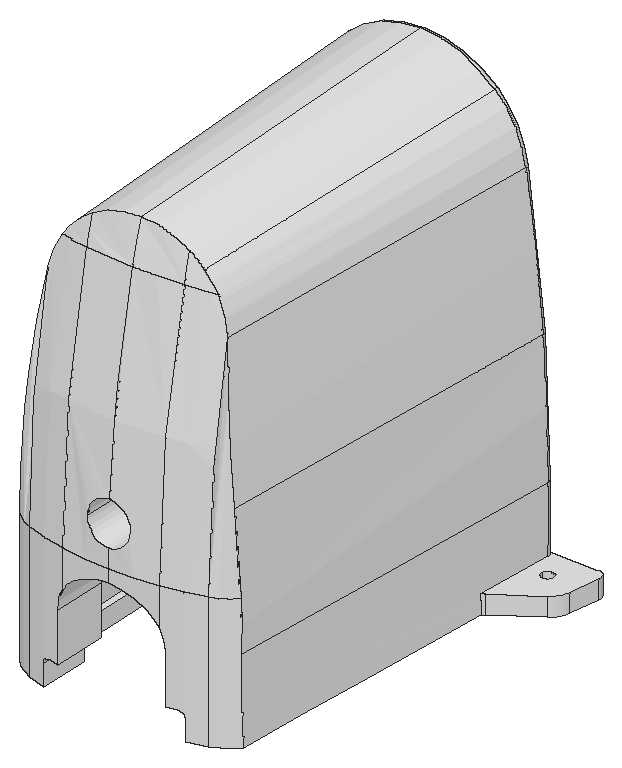
Revit family "Sink-Pedestal-KOHLER-Folio-K-11340IN_1", category Specialty Equipment, host Face, Revit 2017
Family settings
  Host = Face
  Round Connector Dimension = Use Diameter
  Part Type = Normal
  OmniClass Number = 23.31.25.00
  OmniClass Title = Toilet and Bath Specialties
  Cut with Voids When Loaded = No
  Shared = No
  Room Calculation Point = No
Parameters (values of type "0-White")
  Width = 9 65/256"  # constant formula
  WaterSense Certified = 1 = 0  # no
  URL = "https://www.kohler.co.in/"
  Type = 1
  Product Page URL = ""
  Product Name = "Folio"  # constant formula
  Product Documentation Link = ""
  Model = if(Type = 1, "K-11340IN-0", if(Type = 2, "K-11340IN-96", "NA"))  # "K-11340IN-0"
  Material = "Vitreous China"  # constant formula
  Master Format 2014 Name = "Bath Accessories"  # constant formula
  Master Format 2014 = "10 28 16"  # constant formula
  Manufacturer Address = "Ambience Office Tower NH-8 Gurgaon / Gurugram Haryana , 122001\r\n"  # constant formula
  Manufacturer = "KOHLER Co."  # constant formula
  Length = 11 107/256"  # constant formula
  Height = 10 5/32"  # constant formula
  Finish = Kohler-Vitreous_China-0-White
  Environmental Product Declaration = ""
  Description = "Half Pedestal"  # constant formula
  Default Elevation = 25"
  Declare Label = ""
  Date Modified = "06/25/2020"  # constant formula
  Date Created = "06/25/2020"  # constant formula
  Copyright = "Copyright KOHLER Co."  # constant formula
  Contact Us = "https://www.kohler.co.in/contact-us"
  Assembly Code = "C1030200"
  ADA Compliant = 1 = 0  # no
Types (3): name | Type | Model | Finish
  (no name) | 1 | "K-11340IN-0" | Kohler-Vitreous_China-0-White
  0-White | 1 | "K-11340IN-0" | Kohler-Vitreous_China-0-White
  96-Biscuit | 2 | "K-11340IN-96" | Kohler-Vitreous_China-96-Biscuit
Reference planes
  plane 1 "Center (Front/Back)": y = 0
  plane 2: z = 0
  plane 3 "Center (Left/Right)": x = 0
  plane 4: y = 257.969
  plane 5: x = -117.5
  plane 6: y = 237.969
  plane 7: x = -95
  plane 8: x = 117.549
  plane 9: x = 95.049
  plane 10: z = 290.016
  plane 11: z = 113
Dimensions and locks
  "Height": plane 1 "Center (Front/Back)" to plane 4
  "Width": plane 5 to plane 8
  "Length": plane 10 to plane 2
  plane 4 to plane 6 = 0.7874"
  plane 5 to plane 7 = 0.88583"
  plane 9 to plane 8 = 0.88583"
  aligned and locked: plane 2 to host face
  aligned and locked: level to host face
Automatic sketch dimensions
  host sketch curve to host sketch curve = 96"  (x2)
Nested families
  nested 1: "K-11340IN" at (0, 0, 0), type "K-11340IN"
Definition of nested family "K-11340IN"
  Parameters (values of type "K-11340IN")
    Material = none
  Reference planes
    plane 1 "Center (Front/Back)": y = 0
    plane 2: z = 0
    plane 3 "Center (Left/Right)": x = 0
    plane 4: y = 258
    plane 5: z = 290
    plane 6: z = 12
    plane 7: x = -117.5
    plane 8: x = 117.5
    plane 9: y = 238
    plane 10: x = -95
    plane 11: x = 95
    plane 12: z = 113
  Forms (mm)
    Sweep 1, solid, material <- "Material", detail levels medium+fine
      path origin (0, 0, 0) x (1, 0, 0) y (0, 0, 1)
        loop
          arc (83.672, -16.404) -> (82.349, 19.074) -> (82.097, 54.576) r 1176.886
          arc (82.097, 54.576) -> (81.456, 97.102) -> (78.853, 139.553) r 921.718
          arc (78.853, 139.553) -> (74.217, 186.203) -> (68.206, 232.696) r 1588.836
          arc (68.206, 232.696) -> (61.386, 253.716) -> (47.933, 271.248) r 65.154
          arc (47.933, 271.248) -> (25.735, 285.145) -> (0, 290) r 70.636
          arc (0, 290) -> (-25.735, 285.145) -> (-47.933, 271.248) r 70.636
          arc (-47.933, 271.248) -> (-61.386, 253.716) -> (-68.206, 232.696) r 65.154
          arc (-68.206, 232.696) -> (-74.217, 186.203) -> (-78.853, 139.553) r 1588.836
          arc (-78.853, 139.553) -> (-81.456, 97.102) -> (-82.097, 54.576) r 921.718
          arc (-82.097, 54.576) -> (-82.349, 19.074) -> (-83.672, -16.404) r 1176.886
      profile origin (0, 0, 290) x (0, 0, -1) y (0, -1, 0)
        loop
          line (11.496, 10.299) -> (0.004, -253.931)
          arc (0.004, -253.931) -> (1.083, -256.797) -> (3.9, -258) r 3.9
          line (3.9, -258) -> (10.97, -258) -> (22.64, 10.299) -> (11.496, 10.299)
    Extrusion 2, solid, material <- "Material", detail levels medium+fine
      sketch origin (0, 0, 0) x (1, 0, 0) y (0, 1, 0)
        loop
          line (-62.5, 258) -> (-111.695, 258)
          arc (-111.695, 258) -> (-116.178, 255.967) -> (-117.603, 251.254) r 5.96
          line (-117.603, 251.254) -> (-114.945, 231.271)
          arc (-114.945, 231.271) -> (-112.834, 225.358) -> (-108.487, 220.828) r 15
          line (-108.487, 220.828) -> (-83.045, 203.598)
          arc (-83.045, 203.598) -> (-78.362, 198.495) -> (-76.471, 191.831) r 15
          line (-76.471, 191.831) -> (-69.006, 20.337) -> (-57.795, 20.337) -> (-62.5, 258)
      from 0 to 11.857
    Extrusion 3, solid, material <- "Material", detail levels medium+fine
      sketch origin (0, 0, 0) x (-1, 0, 0) y (0, -1, 0)
        loop
          line (-62.5, -258) -> (-57.795, -20.337) -> (-67.756, -20.337) -> (-75.164, -190.535)
          arc (-75.164, -190.535) -> (-77.162, -197.573) -> (-82.108, -202.964) r 15.842
          line (-82.108, -202.964) -> (-108.487, -220.828)
          arc (-108.487, -220.828) -> (-112.834, -225.358) -> (-114.945, -231.271) r 15
          line (-114.945, -231.271) -> (-117.603, -251.254)
          arc (-117.603, -251.254) -> (-116.178, -255.967) -> (-111.695, -258) r 5.96
          line (-111.695, -258) -> (-62.5, -258)
      from 0 to 11.857
    Extrusion 4, void
      sketch origin (0, 0, 0) x (0, 1, 0) y (0, 0, 1)
        loop
          line (268, 0) -> (-27, 0) -> (-27, -25) -> (268, -25) -> (268, 0)
      from -131.904 to 110.84
    Extrusion 5, void
      sketch origin (0, 0, 0) x (1, 0, 0) y (0, 1, 0)
        loop
          circle (-95, 238) r 3.963
        loop
          circle (95, 238) r 3.963
      from -13.424 to 23.265
    Extrusion 6, void
      sketch origin (0, 0, 0) x (1, 0, 0) y (0, 0, 1)
        loop
          arc (-24.138, 70.924) -> (-32.126, 61.662) -> (-35, 49.774) r 26.023
          line (-35, 49.774) -> (-35, 17.821) -> (-42.147, 17.821)
          arc (-42.147, 17.821) -> (-44.903, 16.679) -> (-46.045, 13.923) r 3.898
          line (-46.045, 13.923) -> (-46.045, -1.25) -> (46.045, -1.25) -> (46.045, 13.923)
          arc (46.045, 13.923) -> (44.903, 16.679) -> (42.147, 17.821) r 3.898
          line (42.147, 17.821) -> (35, 17.821) -> (35, 49.774)
          arc (35, 49.774) -> (32.126, 61.662) -> (24.138, 70.924) r 26.023
          arc (24.138, 70.924) -> (12.677, 76.695) -> (0, 78.682) r 41.431
          arc (0, 78.682) -> (-12.677, 76.695) -> (-24.138, 70.924) r 41.431
        loop
          circle (-0.101, 112.895) r 14
      from -53.423 to 13.525
    Extrusion 7, solid, material <- "Material", detail levels coarse
      sketch origin (0, 0, 0) x (1, 0, 0) y (0, 0, 1)
        loop
          arc (83.288, 0) -> (82.556, 27.283) -> (82.458, 54.576) r 1176.886
          arc (82.458, 54.576) -> (81.816, 97.102) -> (79.214, 139.553) r 921.718
          arc (79.214, 139.553) -> (74.577, 186.203) -> (68.567, 232.696) r 1588.836
          arc (68.567, 232.696) -> (61.747, 253.716) -> (48.293, 271.248) r 65.154
          arc (48.293, 271.248) -> (26.096, 285.145) -> (0.361, 290) r 70.636
          arc (0.361, 290) -> (-25.375, 285.145) -> (-47.572, 271.248) r 70.636
          arc (-47.572, 271.248) -> (-61.026, 253.716) -> (-67.846, 232.696) r 65.154
          arc (-67.846, 232.696) -> (-73.856, 186.203) -> (-78.493, 139.553) r 1588.836
          arc (-78.493, 139.553) -> (-81.095, 97.102) -> (-81.737, 54.576) r 921.718
          arc (-81.737, 54.576) -> (-81.835, 27.283) -> (-82.567, 0) r 1176.886
          line (-82.567, 0) -> (-71.334, 0)
          arc (-71.334, 0) -> (-71.07, 27.331) -> (-71.127, 54.664) r 2323.514
          arc (-71.127, 54.664) -> (-70.493, 96.683) -> (-67.922, 138.629) r 910.747
          arc (-67.922, 138.629) -> (-63.317, 184.957) -> (-57.348, 231.129) r 1577.865
          arc (-57.348, 231.129) -> (-51.677, 248.61) -> (-40.488, 263.19) r 54.184
          arc (-40.488, 263.19) -> (-21.738, 274.929) -> (0, 279.03) r 59.666
          arc (0, 279.03) -> (21.738, 274.929) -> (40.488, 263.19) r 59.666
          arc (40.488, 263.19) -> (51.677, 248.61) -> (57.348, 231.129) r 54.184
          arc (57.348, 231.129) -> (63.317, 184.957) -> (67.922, 138.629) r 1577.865
          arc (67.922, 138.629) -> (70.493, 96.683) -> (71.127, 54.664) r 910.747
          arc (71.127, 54.664) -> (71.07, 27.331) -> (71.334, 0) r 2323.514
          line (71.334, 0) -> (83.288, 0)
      from -258 to 0
    Extrusion 8, solid, material <- "Material", detail levels coarse
      sketch origin (0, 0, 0) x (1, 0, 0) y (0, 1, 0)
        loop
          line (-82.567, 258) -> (-117.5, 258) -> (-117.5, 218) -> (-82.567, 187.633) -> (-82.567, 258)
        loop
          line (82.567, 258) -> (82.567, 187.633) -> (117.5, 218) -> (117.5, 258) -> (82.567, 258)
      from 0 to 12
    Extrusion 9, solid, material <- "Material", detail levels coarse
      sketch origin (0, 0, 0) x (1, 0, 0) y (0, 0, 1)
        loop
          arc (-81.737, 54.576) -> (-81.835, 27.283) -> (-82.567, 0) r 1176.886
          line (-82.567, 0) -> (83.288, 0)
          arc (83.288, 0) -> (82.556, 27.283) -> (82.458, 54.576) r 1176.886
          arc (82.458, 54.576) -> (81.816, 97.102) -> (79.214, 139.553) r 921.718
          arc (79.214, 139.553) -> (74.577, 186.203) -> (68.567, 232.696) r 1588.836
          arc (68.567, 232.696) -> (61.747, 253.716) -> (48.293, 271.248) r 65.154
          arc (48.293, 271.248) -> (26.096, 285.145) -> (0.361, 290) r 70.636
          arc (0.361, 290) -> (-25.375, 285.145) -> (-47.572, 271.248) r 70.636
          arc (-47.572, 271.248) -> (-61.026, 253.716) -> (-67.846, 232.696) r 65.154
          arc (-67.846, 232.696) -> (-73.856, 186.203) -> (-78.493, 139.553) r 1588.836
          arc (-78.493, 139.553) -> (-81.095, 97.102) -> (-81.737, 54.576) r 921.718
      from 0 to -16.65
    Extrusion 10, solid, material <- "Material", detail levels medium+fine
      sketch origin (0, 0, 0) x (1, 0, 0) y (0, 0, 1)
        loop
          line (-65.275, 0) -> (65.275, 0)
          arc (65.275, 0) -> (64.553, 27.354) -> (64.458, 54.717) r 1194.526
          arc (64.458, 54.717) -> (63.829, 96.429) -> (61.276, 138.068) r 904.078
          arc (61.276, 138.068) -> (56.691, 184.2) -> (50.748, 230.177) r 1571.196
          arc (50.748, 230.177) -> (45.774, 245.506) -> (35.963, 258.291) r 47.515
          arc (35.963, 258.291) -> (19.308, 268.718) -> (0, 272.36) r 52.997
          arc (0, 272.36) -> (-19.308, 268.718) -> (-35.963, 258.291) r 52.997
          arc (-35.963, 258.291) -> (-45.774, 245.506) -> (-50.748, 230.177) r 47.515
          arc (-50.748, 230.177) -> (-56.691, 184.2) -> (-61.276, 138.068) r 1571.196
          arc (-61.276, 138.068) -> (-63.829, 96.429) -> (-64.458, 54.717) r 904.078
          arc (-64.458, 54.717) -> (-64.553, 27.354) -> (-65.275, 0) r 1194.526
      from -37.727 to 10.299
    Sweep 11, void
      path origin (0, 0, 0) x (0, 1, 0) y (0, 0, 1)
        loop
          arc (38.464, 316.368) -> (28.569, 285.391) -> (20.118, 253.99) r 703.123
          arc (20.118, 253.99) -> (5.048, 171.099) -> (0, 87) r 703.123
          line (0, 87) -> (0, -13)
      profile origin (0, 0, 37) x (1, 0, 0) y (0, 1, 0)
        loop
          arc (-31.602, 2.134) -> (-45.087, 4.72) -> (-58.211, 8.759) r 125.86
          arc (-58.211, 8.759) -> (-69.868, 16.101) -> (-77.546, 27.54) r 33.224
          line (-77.546, 27.54) -> (-91.996, 27.54) -> (-91.996, -39.584) -> (0, -39.584) -> (91.996, -39.584) -> (91.996, 27.54) -> (77.546, 27.54)
          arc (77.546, 27.54) -> (69.868, 16.101) -> (58.211, 8.759) r 33.224
          arc (58.211, 8.759) -> (45.087, 4.72) -> (31.602, 2.134) r 125.86
          arc (31.602, 2.134) -> (15.837, 0.534) -> (0, 0) r 235.033
          arc (0, 0) -> (-15.837, 0.534) -> (-31.602, 2.134) r 235.033
  Cuts and joins
    Extrusion 4, Extrusion 6, Sweep 11 cuts Sweep 1
    Extrusion 5, Extrusion 6 cuts Extrusion 2
    Extrusion 5, Extrusion 6 cuts Extrusion 3
    Extrusion 6, Sweep 11 cuts Extrusion 10
    joined: Sweep 1, Extrusion 2, Extrusion 3, Extrusion 10
    joined: Extrusion 7, Extrusion 8, Extrusion 9
  Lines and regions (mm)
    Masking region 1
      outline origin (0, 0, 0) x (0, 1, 0) y (0, 0, 1)
        loop
          arc (258, 286.054) -> (256.794, 288.878) -> (253.92, 289.96) r 3.91
          line (253.92, 289.96) -> (31.324, 280.248)
          arc (31.324, 280.248) -> (28.476, 279.202) -> (26.757, 276.703) r 5
          arc (26.757, 276.703) -> (23.381, 265.363) -> (20.118, 253.99) r 1193.865
          arc (20.118, 253.99) -> (5.087, 182.009) -> (0.045, 108.648) r 536.224
          line (0.045, 108.648) -> (0.045, 78.438)
          arc (0.045, 78.438) -> (1.991, 64.165) -> (2.642, 49.774) r 159.491
          line (2.642, 49.774) -> (2.642, 17.821) -> (3.695, 17.821)
          arc (3.695, 17.821) -> (4.121, 17.698) -> (4.416, 17.368) r 0.801
          arc (4.416, 17.368) -> (4.811, 16.242) -> (4.945, 15.057) r 5.315
          line (4.945, 15.057) -> (4.945, 12) -> (20.337, 12) -> (20.337, 0) -> (258, 0) -> (258, 286.054)
    Masking region 2
      outline origin (0, 0, 0) x (1, 0, 0) y (0, 0, 1)
        loop
          arc (48.293, 271.248) -> (26.096, 285.145) -> (0.361, 290) r 70.636
          arc (0.361, 290) -> (-25.375, 285.145) -> (-47.572, 271.248) r 70.636
          arc (-47.572, 271.248) -> (-61.026, 253.716) -> (-67.846, 232.696) r 65.154
          arc (-67.846, 232.696) -> (-73.856, 186.203) -> (-78.493, 139.553) r 1588.836
          arc (-78.493, 139.553) -> (-81.095, 97.102) -> (-81.737, 54.576) r 921.718
          arc (-81.737, 54.576) -> (-81.759, 33.286) -> (-82.167, 12) r 1176.886
          line (-82.167, 12) -> (-117.5, 12) -> (-117.5, 0) -> (-57.795, 0) -> (-57.795, 12) -> (-46.045, 12) -> (-46.045, 13.923)
          arc (-46.045, 13.923) -> (-44.903, 16.679) -> (-42.147, 17.821) r 3.898
          line (-42.147, 17.821) -> (-35, 17.821) -> (-35, 49.774)
          arc (-35, 49.774) -> (-32.126, 61.662) -> (-24.138, 70.924) r 26.023
          arc (-24.138, 70.924) -> (-12.677, 76.695) -> (0, 78.682) r 41.431
          arc (0, 78.682) -> (12.677, 76.695) -> (24.138, 70.924) r 41.431
          arc (24.138, 70.924) -> (32.126, 61.662) -> (35, 49.774) r 26.023
          line (35, 49.774) -> (35, 17.821) -> (42.147, 17.821)
          arc (42.147, 17.821) -> (44.903, 16.679) -> (46.045, 13.923) r 3.898
          line (46.045, 13.923) -> (46.045, 12) -> (57.795, 12) -> (57.795, 0) -> (117.5, 0) -> (117.5, 12) -> (82.888, 12)
          arc (82.888, 12) -> (82.48, 33.286) -> (82.458, 54.576) r 1176.886
          arc (82.458, 54.576) -> (81.816, 97.102) -> (79.214, 139.553) r 921.718
          arc (79.214, 139.553) -> (74.577, 186.203) -> (68.567, 232.696) r 1588.836
          arc (68.567, 232.696) -> (61.747, 253.716) -> (48.293, 271.248) r 65.154
        loop
          circle (-0.101, 112.895) r 14
    Masking region 3
      outline origin (0, 0, 0) x (1, 0, 0) y (0, 1, 0)
        loop
          line (0, 258) -> (-111.477, 258)
          arc (-111.477, 258) -> (-116.008, 255.945) -> (-117.447, 251.183) r 6.023
          line (-117.447, 251.183) -> (-114.678, 230.36)
          arc (-114.678, 230.36) -> (-112.821, 225.159) -> (-108.997, 221.173) r 13.196
          line (-108.997, 221.173) -> (-86.909, 206.215)
          arc (-86.909, 206.215) -> (-82.226, 201.111) -> (-80.335, 194.447) r 15
          line (-80.335, 194.447) -> (-73.07, 27.54)
          arc (-73.07, 27.54) -> (-72.11, 22.231) -> (-69.767, 17.371) r 20
          arc (-69.767, 17.371) -> (-67.067, 14.105) -> (-63.739, 11.481) r 20
          arc (-63.739, 11.481) -> (-61.046, 9.976) -> (-58.211, 8.759) r 29.646
          arc (-58.211, 8.759) -> (-45.088, 4.719) -> (-31.602, 2.134) r 125.652
          arc (-31.602, 2.134) -> (-15.837, 0.536) -> (0, 0.003) r 235.348
          arc (0, 0.003) -> (15.837, 0.536) -> (31.602, 2.134) r 235.348
          arc (31.602, 2.134) -> (45.088, 4.719) -> (58.211, 8.759) r 125.652
          arc (58.211, 8.759) -> (61.046, 9.976) -> (63.739, 11.481) r 29.646
          arc (63.739, 11.481) -> (67.067, 14.105) -> (69.767, 17.371) r 20
          arc (69.767, 17.371) -> (72.11, 22.231) -> (73.07, 27.54) r 20
          line (73.07, 27.54) -> (80.335, 194.447)
          arc (80.335, 194.447) -> (82.226, 201.111) -> (86.909, 206.215) r 15
          line (86.909, 206.215) -> (108.997, 221.173)
          arc (108.997, 221.173) -> (112.821, 225.159) -> (114.678, 230.36) r 13.196
          line (114.678, 230.36) -> (117.447, 251.183)
          arc (117.447, 251.183) -> (116.008, 255.945) -> (111.477, 258) r 6.023
          line (111.477, 258) -> (0, 258)
        loop
          circle (-95, 238) r 3.963
        loop
          circle (95, 238) r 3.963
    symbolic lines, detail levels medium+fine
      curve 1: line (0, 12.641, 12) -> (0, 12.641, 57)
      curve 2: arc (0, 12.641, 57) -> (0, 12.46, 90.699) -> (0, 11.915, 124.394) r 3129.328
      curve 3: arc (0, 11.915, 124.394) -> (0, 15.943, 203.028) -> (0, 31.324, 280.248) r 541.879
      curve 4: line (0, 7.958, 12) -> (0, 7.958, 102)
      curve 5: line (0, 194.024, 12) -> (0, 258, 12)
      curve 6: line (0, 194.024, 12) -> (0, 194.024, 0)
      curve 7: arc (0, 6.917, 124.286) -> (0, 7.391, 161.706) -> (0, 10.424, 199.006) r 546.879
      curve 8: arc (0, 7.958, 102) -> (0, 7.697, 113.155) -> (0, 6.917, 124.286) r 239.079
      curve 9: arc (0, 10.424, 199.006) -> (0, 16.805, 238.23) -> (0, 26.757, 276.703) r 432.805
      curve 10: arc (71.127, 0, 54.664) -> (71.148, 0, 33.33) -> (71.553, 0, 12) r 1187.856
      curve 11: arc (71.127, 0, 54.664) -> (70.493, 0, 96.683) -> (67.922, 0, 138.629) r 910.747
      curve 12: arc (67.922, 0, 138.629) -> (63.317, 0, 184.957) -> (57.348, 0, 231.129) r 1577.865
      curve 13: arc (57.348, 0, 231.129) -> (51.677, 0, 248.61) -> (40.488, 0, 263.19) r 54.184
      curve 14: arc (40.488, 0, 263.19) -> (21.738, 0, 274.929) -> (0, 0, 279.03) r 59.666
      curve 15: arc (0, 0, 279.03) -> (-21.738, 0, 274.929) -> (-40.488, 0, 263.19) r 59.666
      curve 16: arc (-40.488, 0, 263.19) -> (-51.677, 0, 248.61) -> (-57.348, 0, 231.129) r 54.184
      curve 17: arc (-57.348, 0, 231.129) -> (-63.317, 0, 184.957) -> (-67.922, 0, 138.629) r 1577.865
      curve 18: arc (-67.922, 0, 138.629) -> (-70.493, 0, 96.683) -> (-71.127, 0, 54.664) r 910.747
      curve 19: arc (-71.127, 0, 54.664) -> (-71.148, 0, 33.33) -> (-71.553, 0, 12) r 1187.856
      curve 20: line (61.229, 0, 12) -> (61.229, 0, 67)
      curve 21: arc (61.229, 0, 67) -> (60.785, 0, 92.081) -> (59.455, 0, 117.131) r 709.117
      curve 22: arc (59.455, 0, 117.131) -> (56.257, 0, 155.402) -> (52.096, 0, 193.58) r 1524.043
      curve 23: arc (27.293, 0, 260.654) -> (14.267, 0, 266.851) -> (0, 0, 268.978) r 48.904
      curve 24: arc (47.4, 0, 232.155) -> (39.971, 0, 248.256) -> (27.293, 0, 260.654) r 48.948
      curve 25: line (52.096, 0, 193.58) -> (47.4, 0, 232.155)
      curve 26: line (-61.229, 0, 12) -> (-61.229, 0, 67)
      curve 27: arc (-61.229, 0, 67) -> (-60.785, 0, 92.081) -> (-59.455, 0, 117.131) r 709.117
      curve 28: arc (-59.455, 0, 117.131) -> (-56.257, 0, 155.402) -> (-52.096, 0, 193.58) r 1524.043
      curve 29: arc (-27.293, 0, 260.654) -> (-14.267, 0, 266.851) -> (0, 0, 268.978) r 48.904
      curve 30: arc (-47.4, 0, 232.155) -> (-39.971, 0, 248.256) -> (-27.293, 0, 260.654) r 48.948
      curve 31: line (-52.096, 0, 193.58) -> (-47.4, 0, 232.155)
      curve 32: line (71.553, 0, 12) -> (57.795, 0, 12)
      curve 33: line (-71.553, 0, 12) -> (-57.795, 0, 12)
      curve 34: line (-80.335, 194.447, 0) -> (-83.1, 258, 0)
      curve 35: line (80.335, 194.447, 0) -> (83.1, 258, 0)
      curve 36: arc (-8.865, 1.59, 0) -> (-4.435, 1.807, 0) -> (0, 1.879, 0) r 135.751
      curve 37: arc (-15.095, 0.485, 0) -> (-12.01, 1.209, 0) -> (-8.865, 1.59, 0) r 28.793
      curve 38: arc (8.865, 1.59, 0) -> (4.435, 1.807, 0) -> (0, 1.879, 0) r 135.751
      curve 39: arc (15.095, 0.485, 0) -> (12.01, 1.209, 0) -> (8.865, 1.59, 0) r 28.793
      curve 40: line (-32.911, 26.4, 0) -> (0.008, 26.4, 0)
      curve 41: line (-32.184, 38.771, 0) -> (-0.004, 38.771, 0)
      curve 42: line (-63.739, 11.481, 0) -> (-52.992, 19.641, 0)
      curve 43: line (-49.063, 33.09, 0) -> (-69.767, 17.371, 0)
      curve 44: arc (-32.184, 38.771, 0) -> (-41.089, 37.313, 0) -> (-49.063, 33.09, 0) r 27.914
      curve 45: arc (-52.992, 19.641, 0) -> (-43.505, 24.665, 0) -> (-32.911, 26.4, 0) r 33.209
      curve 46: line (32.911, 26.4, 0) -> (0.008, 26.4, 0)
      curve 47: line (63.739, 11.481, 0) -> (52.992, 19.641, 0)
      curve 48: arc (52.992, 19.641, 0) -> (43.505, 24.665, 0) -> (32.911, 26.4, 0) r 33.209
      curve 49: line (32.184, 38.771, 0) -> (-0.004, 38.771, 0)
      curve 50: line (49.063, 33.09, 0) -> (69.767, 17.371, 0)
      curve 51: arc (32.184, 38.771, 0) -> (41.089, 37.313, 0) -> (49.063, 33.09, 0) r 27.914
      curve 52: line (0, 253.92, 289.96) -> (0, 253.92, 12)
  Dimensions and locks
    plane 4 to plane 1 "Center (Front/Back)" = 10.15748"
    locked: plane 5 to plane 2 at 290
    locked: plane 6 to plane 2 at 12
    locked: plane 7 to plane 8 at 235
    locked: plane 9 to plane 4 at 20
    locked: plane 10 to plane 11 at 190
    plane 12 to plane 2 = 4.44882"
    aligned and locked: plane 2 to level
